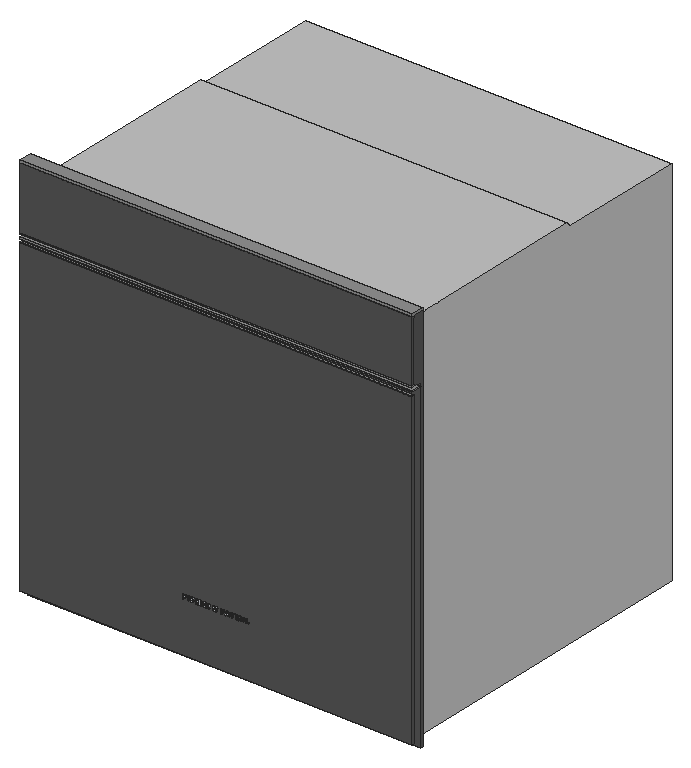
Revit family "FP-Revit20-en-OB60SMPTNB1-OB60SMPTNG1-WallOven-0-90003585A-AU-NZ-SG-UK-IE-CN", category Specialty Equipment, Revit 2020
Family settings
  Round Connector Dimension = Use Diameter
  Part Type = Normal
  OmniClass Number = 23.40.40.14.17.11
  OmniClass Title = Cookers, Ovens, Stoves
  Work Plane-Based = No
  Always vertical = Yes
  Cut with Voids When Loaded = Yes
  Shared = No
  Room Calculation Point = No
Parameters (values of type "OB60SMPTNB1   (Black Glass)")
  Visibility - Clearance Required = yes
  URL = "www.fisherpaykel.com"
  Product - Height = 598 mm  # constant formula
  Product - Width = 596 mm  # constant formula
  Product - Depth (Exc. Handles) = 565 mm  # constant formula
  Opening - Height = 487 mm  # constant formula
  Model = "OB60SMPTNB1"
  Material - Trim = Fisher & Paykel - Aluminium, Dark
  Material - Structure = Fisher & Paykel - Black
  Material - Glass = Fisher & Paykel - Glass, Black
  Material - Body = Fisher & Paykel - Grey
  Manufacturer = "Fisher & Paykel Appliances"
  FFL Offset [instance] = 900 mm
  Description = "Wall Oven, 60cm, 16 Function"
  Default Elevation = 0 mm
  Connector Description - Electrical = "220-240V, 50Hz, 20A"
  Chassis - Width = 556 mm  # constant formula
  Chassis - Height = 575 mm  # constant formula
  Chassis - Depth = 545 mm  # constant formula
  Cavity - Width = 560 mm  # constant formula
  Cavity - Height = 580 mm  # constant formula
  Cavity - Depth = 550 mm  # constant formula
Types (2, lengths in mm): name | Model | Material - Glass
  OB60SMPTNB1   (Black Glass) | "OB60SMPTNB1" | Fisher & Paykel - Glass, Black
  OB60SMPTNG1 (Grey Glass) | "OB60SMPTNG1" | Fisher & Paykel - Glass, Grey
Reference planes
  plane 1 "Datum": y = 0
  plane 2: z = -2
  plane 3 "Center (Left/Right)": x = 0
  plane 4 "Product - LHS": x = -298
  plane 5 "Product - RHS": x = 298
  plane 6 "Cavity - RHS": x = 280
  plane 7 "FFL Offset": z = 898
  plane 8 "Chassis - Depth": y = 545
  plane 9 "Front Face": y = -20
  plane 10 "Chassis - Height": z = 1473
  plane 11 "Cavity - Height": z = 1478
  plane 12 "Opening - Height": z = 1385
  plane 13 "Cavity - LHS": x = -280
  plane 14 "Cavity - Depth": y = 550
  plane 15 "Product - Height": z = 1496
  plane 16 "Opening - RHS": x = 300
  plane 17 "Opening - LHS": x = -300
  plane 18 "Chassis - LHS": x = -278
  plane 19 "Chassis RHS": x = 278
Forms (mm)
  Extrusion 1, solid, material "Fisher & Paykel - Grey" <- "Material - Body"
    sketch origin (0, 0, 0) x (0, 1, 0) y (0, 0, 1)
      loop
        line (0, 1473) -> (0, 898) -> (528, 898) -> (528, 1088) -> (545, 1108) -> (545, 1330) -> (498, 1385) -> (498, 1466) -> (305, 1466) -> (298, 1473) -> (0, 1473)
    from -278 to 278
  Extrusion 2, solid, material "Fisher & Paykel - Black" <- "Material - Structure", detail levels fine
    sketch origin (0, 0, 0) x (0, 1, 0) y (0, 0, 1)
      loop
        line (0, 1492.7) -> (-16, 1492.7) -> (-16, 1396) -> (-4, 1396) -> (-4, 898) -> (0, 898) -> (0, 1492.7)
    from -298 to 298
  Extrusion 3, solid, material "Fisher & Paykel - Glass, Black" <- "Material - Glass", detail levels fine
    sketch origin (0, 0, -3) x (0, 1, 0) y (0, 0, 1)
      loop
        line (-20, 1386.4) -> (-20, 912.8) -> (-16, 912.8) -> (-16, 1386.4) -> (-20, 1386.4)
      loop
        line (-20, 1400.8) -> (-16, 1400.8) -> (-16, 1495.7) -> (-20, 1495.7) -> (-20, 1400.8)
    from -298 to 298
  Extrusion 4, solid, material "Fisher & Paykel - Clearance Required", visible <- "Visibility - Clearance Required", detail levels coarse
    sketch origin (0, 0, -2) x (1, 0, 0) y (0, 1, 0)
      loop
        line (-280, 0) -> (280, 0) -> (280, 550) -> (-280, 550) -> (-280, 0)
    from 900 to 1480
  Extrusion 5, void
    sketch origin (0, 0, 0) x (0, 1, 0) y (0, 0, 1)
      loop
        line (-20, 898) -> (0, 898) -> (0, 1385) -> (-20, 1385) -> (-20, 898)
    from -300 to 300
  Extrusion 6, solid, material "Fisher & Paykel - Grey" <- "Material - Body"
    sketch origin (0, 2, 0) x (0, 1, 0) y (0, 0, 1)
      loop
        line (496, 1433.999) -> (496, 1377) -> (517.999, 1377) -> (517.999, 1433.999) -> (496, 1433.999)
    from -221 to -127
  Extrusion 7, solid, material "Fisher & Paykel - Aluminium, Dark" <- "Material - Trim", detail levels fine
    sketch origin (0, 0, -1.199) x (0, 1, 0) y (0, 0, 1)
      loop
        line (-16, 1397.199) -> (-16, 1398.999) -> (-20, 1398.999) -> (-20, 1397.199) -> (-16, 1397.199)
      loop
        line (-16, 1384.599) -> (-16, 1386.199) -> (-20, 1386.199) -> (-20, 1384.599) -> (-16, 1384.599)
      loop
        line (-4, 1390.799) -> (-4, 1392.399) -> (-20, 1392.399) -> (-20, 1390.799) -> (-4, 1390.799)
      loop
        line (0, 1493.899) -> (0, 1497.199) -> (-20, 1497.199) -> (-20, 1493.899) -> (0, 1493.899)
    from -298 to 298
  Extrusion 8, void
    sketch origin (0, 0, -2) x (1, 0, 0) y (0, 1, 0)
      loop
        line (201.865, 545) -> (229, 498) -> (278, 498) -> (278, 545) -> (201.865, 545)
      loop
        line (-201.865, 545) -> (-278, 545) -> (-278, 498) -> (-229, 498) -> (-201.865, 545)
    from 900 to 1480
  Extrusion 9, solid, material "Fisher & Paykel - Grey" <- "Material - Body"
    sketch origin (0, 6.626, -14.403) x (0, 1, 0) y (0, 0, 1)
      loop
        circle (501.374, 1419.903) r 5
    from -271 to -221
  Extrusion 10, void
    sketch origin (0, 0, -2) x (1, 0, 0) y (0, 1, 0)
      loop
        line (-280, 0) -> (280, 0) -> (280, 550) -> (-280, 550) -> (-280, 0)
    from 900 to 1480
  Extrusion 11, solid, material "Fisher & Paykel - Glass, Black" <- "Material - Glass", detail levels coarse+medium
    sketch origin (0, 0, 0) x (0, 1, 0) y (0, 0, 1)
      loop
        line (0, 1496) -> (-20, 1496) -> (-20, 1396) -> (-4, 1396) -> (-4, 1391.2) -> (-4, 1382.5) -> (-16, 1382.5) -> (-16, 1385) -> (-20, 1385) -> (-20, 909.8) -> (-4, 909.8) -> (-4, 898) -> (0, 898) -> (0, 1496)
    from -298 to 298
  Extrusion 12, solid, material "Fisher & Paykel - Black", detail levels fine
    sketch origin (0, 0, 0) x (0, 1, 0) y (0, 0, 1)
      loop
        line (-16, 1382.5) -> (-16, 909.8) -> (-4, 909.8) -> (-4, 1382.5) -> (-16, 1382.5)
    from -278 to 278
  Extrusion 13, solid, material "Fisher & Paykel - Clearance Required", visible <- "Visibility - Clearance Required", detail levels coarse
    sketch origin (0, 0, -15) x (0, 1, 0) y (0, 0, 1)
      loop
        line (-20, 927.07) -> (-20, 913) -> (0, 913) -> (0, 1400) -> (-20, 1400)
        arc (-20, 1400) -> (-341.757, 1283.845) -> (-490.153, 975.626) r 452.282
        line (-490.153, 975.626) -> (-20, 927.07)
    from -300 to 300
Cuts and joins
  Extrusion 8 cuts Extrusion 1
Text (mm)
  text "Due to ongoing product development, product details are subject to change without notice. \nPlease always refer to www.fisherpaykel.com for the most current product information. \n© Fisher & Paykel 2020" at (41.04, -613.295, 0), in view "Ref. Level (Plan)"
Dimensions and locks
  equal spacing: plane 4 "Product - LHS", plane 3 "Center (Left/Right)", plane 5 "Product - RHS"
  "Product - Width": plane 4 "Product - LHS" to plane 5 "Product - RHS"
  "FFL Offset": plane 7 "FFL Offset" to level
  locked: plane 9 "Front Face" to plane 1 "Datum" at 20
  "Cavity - Height": plane 11 "Cavity - Height" to plane 7 "FFL Offset"
  "Chassis - Height": plane 10 "Chassis - Height" to plane 7 "FFL Offset"
  "Cavity - Depth": plane 1 "Datum" to plane 14 "Cavity - Depth"
  "Cavity - Width": plane 13 "Cavity - LHS" to plane 6 "Cavity - RHS"
  Extrusion 5 to Extrusion 3 = 11.8 mm
  "Chassis - Depth": plane 1 "Datum" to plane 8 "Chassis - Depth"
  equal spacing: plane 13 "Cavity - LHS", plane 3 "Center (Left/Right)", plane 6 "Cavity - RHS"
  "Opening - Height": plane 7 "FFL Offset" to plane 12 "Opening - Height"
  "Product - Height": plane 7 "FFL Offset" to plane 15 "Product - Height"
  equal spacing: cut or joined group of Extrusion 1, Extrusion 8, plane 3 "Center (Left/Right)", cut or joined group of Extrusion 1, Extrusion 8
  "Chassis - Width": cut or joined group of Extrusion 1, Extrusion 8 to cut or joined group of Extrusion 1, Extrusion 8
  nested 1 to plane 15 "Product - Height" = 506 mm
  plane 8 "Chassis - Depth" to plane 9 "Front Face" = 565 mm
  Extrusion 1 sketch curve to Extrusion 1 sketch curve = 190 mm
  locked: nested 1 to Extrusion 13 at 92
  aligned and locked: level to plane 2
  aligned and locked: plane 4 "Product - LHS" to Extrusion 3
  aligned and locked: Extrusion 3 to plane 5 "Product - RHS"
  aligned and locked: plane 4 "Product - LHS" to Extrusion 2
  aligned and locked: Extrusion 2 to plane 5 "Product - RHS"
  aligned and locked: Extrusion 1 to plane 7 "FFL Offset"
  aligned and locked: Extrusion 7 to plane 5 "Product - RHS"
  aligned and locked: Extrusion 7 to Extrusion 3
  aligned and locked: Extrusion 3 to Extrusion 5
  aligned and locked: Extrusion 3 to Extrusion 7
  aligned and locked: Extrusion 7 to plane 1 "Datum"
  aligned and locked: plane 9 "Front Face" to Extrusion 5
  aligned and locked: Extrusion 4 to plane 6 "Cavity - RHS"
  aligned and locked: Extrusion 9 to Extrusion 6
  aligned and locked: plane 11 "Cavity - Height" to Extrusion 4
  aligned and locked: Extrusion 5 to plane 12 "Opening - Height"
  aligned and locked: Extrusion 5 to Extrusion 2
  aligned and locked: Extrusion 7 to plane 15 "Product - Height"
  aligned and locked: Extrusion 7 to Extrusion 2
  aligned and locked: Extrusion 8 to Extrusion 1
  aligned and locked: Extrusion 4 to Extrusion 2
  aligned and locked: Extrusion 4 to Extrusion 8
  aligned and locked: Extrusion 4 to plane 7 "FFL Offset"
  aligned and locked: Extrusion 1 to Extrusion 8
  aligned and locked: Extrusion 11 sketch curve to plane 15 "Product - Height"
  aligned and locked: plane 11 "Cavity - Height" to Extrusion 10
  aligned and locked: Extrusion 2 to Extrusion 10
  aligned and locked: plane 10 "Chassis - Height" to Extrusion 1
  aligned and locked: Extrusion 3 to Extrusion 12
  aligned and locked: Extrusion 2 to Extrusion 3
Automatic sketch dimensions
  Extrusion 2 sketch curve to plane 7 "FFL Offset" = 0 mm
  Extrusion 2 sketch curve to plane 1 "Datum" = 0 mm
  plane 1 "Datum" to Extrusion 2 sketch curve = 4 mm
  Extrusion 2 sketch curve to plane 9 "Front Face" = 4 mm
  Extrusion 2 sketch curve to plane 10 "Chassis - Height" = 77 mm
  plane 15 "Product - Height" to Extrusion 2 sketch curve = 3.3 mm
  Extrusion 3 sketch curve to plane 9 "Front Face" = 0 mm  (x2)
  Extrusion 3 sketch curve to Extrusion 3 sketch curve = 4 mm  (x2)
  plane 7 "FFL Offset" to Extrusion 3 sketch curve = 11.8 mm
  Extrusion 3 sketch curve to plane 10 "Chassis - Height" = 89.6 mm
  Extrusion 3 sketch curve to Extrusion 3 sketch curve = 14.4 mm
  plane 15 "Product - Height" to Extrusion 3 sketch curve = 3.3 mm
  Extrusion 4 sketch curve to plane 13 "Cavity - LHS" = 0 mm
  Extrusion 4 sketch curve to plane 6 "Cavity - RHS" = 0 mm
  plane 1 "Datum" to Extrusion 4 sketch curve = 0 mm
  Extrusion 4 sketch curve to plane 14 "Cavity - Depth" = 0 mm
  Extrusion 5 sketch curve to plane 9 "Front Face" = 0 mm
  Extrusion 5 sketch curve to plane 1 "Datum" = 0 mm
  Extrusion 5 sketch curve to plane 7 "FFL Offset" = 0 mm
  plane 12 "Opening - Height" to Extrusion 5 sketch curve = 0 mm
  Extrusion 6 sketch curve to Extrusion 6 sketch curve = 21.999 mm
  Extrusion 6 sketch curve to plane 10 "Chassis - Height" = 96 mm
  Extrusion 6 sketch curve to plane 10 "Chassis - Height" = 39.001 mm
  Extrusion 7 sketch curve to plane 9 "Front Face" = 0 mm  (x4)
  Extrusion 7 sketch curve to plane 1 "Datum" = 0 mm
  plane 15 "Product - Height" to Extrusion 7 sketch curve = 0 mm
  Extrusion 7 sketch curve to Extrusion 7 sketch curve = 4 mm  (x2)
  plane 1 "Datum" to Extrusion 7 sketch curve = 4 mm
  plane 15 "Product - Height" to Extrusion 7 sketch curve = 3.3 mm
  Extrusion 7 sketch curve to plane 10 "Chassis - Height" = 75.2 mm
  Extrusion 7 sketch curve to Extrusion 7 sketch curve = 1.8 mm
  Extrusion 7 sketch curve to Extrusion 7 sketch curve = 4.8 mm
  Extrusion 7 sketch curve to Extrusion 7 sketch curve = 1.6 mm  (x2)
  Extrusion 7 sketch curve to Extrusion 7 sketch curve = 4.6 mm
  Extrusion 8 sketch curve to plane 8 "Chassis - Depth" = 0 mm  (x2)
  Extrusion 8 sketch curve to plane 18 "Chassis - LHS" = 0 mm
  Extrusion 8 sketch curve to plane 19 "Chassis RHS" = 0 mm
  Extrusion 8 sketch curve to Extrusion 8 sketch curve = 49 mm  (x2)
  Extrusion 8 sketch curve to Extrusion 8 sketch curve = 27.135 mm
  Extrusion 8 sketch curve to Extrusion 8 sketch curve = 76.135 mm
  Extrusion 9 sketch curve to plane 10 "Chassis - Height" = 67.5 mm
  Extrusion 10 sketch curve to plane 13 "Cavity - LHS" = 0 mm
  Extrusion 10 sketch curve to plane 6 "Cavity - RHS" = 0 mm
  plane 1 "Datum" to Extrusion 10 sketch curve = 0 mm
  Extrusion 10 sketch curve to plane 14 "Cavity - Depth" = 0 mm
  Extrusion 11 sketch curve to plane 9 "Front Face" = 0 mm  (x2)
  Extrusion 11 sketch curve to plane 7 "FFL Offset" = 0 mm
  Extrusion 11 sketch curve to plane 1 "Datum" = 0 mm
  Extrusion 11 sketch curve to Extrusion 11 sketch curve = 4 mm
  plane 1 "Datum" to Extrusion 11 sketch curve = 4 mm  (x2)
  plane 7 "FFL Offset" to Extrusion 11 sketch curve = 11.8 mm
  Extrusion 11 sketch curve to plane 10 "Chassis - Height" = 90.5 mm
  Extrusion 11 sketch curve to Extrusion 11 sketch curve = 2.5 mm
  Extrusion 11 sketch curve to Extrusion 11 sketch curve = 8.7 mm
  Extrusion 11 sketch curve to Extrusion 11 sketch curve = 11 mm
  Extrusion 12 sketch curve to plane 9 "Front Face" = 4 mm
  plane 1 "Datum" to Extrusion 12 sketch curve = 4 mm
  plane 7 "FFL Offset" to Extrusion 12 sketch curve = 11.8 mm
  Extrusion 12 sketch curve to plane 10 "Chassis - Height" = 90.5 mm
  Extrusion 6 sketch curve to plane 8 "Chassis - Depth" = 47 mm
  Extrusion 8 sketch curve to plane 8 "Chassis - Depth" = 47 mm  (x2)
  Extrusion 9 sketch curve to plane 8 "Chassis - Depth" = 37 mm
  Extrusion 13 sketch curve to plane 7 "FFL Offset" = 0 mm
  Extrusion 13 sketch curve to plane 9 "Front Face" = 0 mm  (x3)
  Extrusion 13 sketch curve to plane 1 "Datum" = 0 mm
  plane 12 "Opening - Height" to Extrusion 13 sketch curve = 0 mm  (x2)
  plane 9 "Front Face" to Extrusion 13 sketch curve = 18.71 mm
  plane 7 "FFL Offset" to Extrusion 13 sketch curve = 14.07 mm
  Extrusion 13 sketch curve to Extrusion 13 sketch curve = 21.035 mm
  plane 7 "FFL Offset" to Extrusion 13 sketch curve = 62.626 mm
  Extrusion 1 sketch curve to plane 1 "Datum" = 0 mm
  Extrusion 1 sketch curve to plane 10 "Chassis - Height" = 0 mm
  plane 12 "Opening - Height" to Extrusion 1 sketch curve = 0 mm
  Extrusion 1 sketch curve to plane 7 "FFL Offset" = 0 mm
  Extrusion 1 sketch curve to plane 8 "Chassis - Depth" = 0 mm
  Extrusion 1 sketch curve to plane 8 "Chassis - Depth" = 247 mm
  Extrusion 1 sketch curve to Extrusion 1 sketch curve = 7 mm
  Extrusion 1 sketch curve to plane 10 "Chassis - Height" = 7 mm
  Extrusion 1 sketch curve to plane 8 "Chassis - Depth" = 47 mm
  Extrusion 1 sketch curve to plane 8 "Chassis - Depth" = 17 mm
  Extrusion 1 sketch curve to Extrusion 1 sketch curve = 20 mm
  plane 12 "Opening - Height" to Extrusion 1 sketch curve = 55 mm
  radius of Extrusion 9 sketch curve = 5 mm
Nested families
  nested 1: "F&P Logo 100mm" at (0.044, -20, 987.195), type "Grey"
Connectors
  electrical at (-174, 519.999, 1405.5)
    settings: on Extrusion 6, index 1, voltage 240 V, apparent load 0 VA, apparent load phase1 0 VA, apparent load phase2 0 VA, apparent load phase3 0 VA, power factor 1, load classification "Other", number of poles 1, system type 31, power factor state 1, is connector primary yes, connector utility no, sub classification motor no, connector description ""
Definition of nested family "F&P Logo 100mm"
  Parameters (values of type "Grey")
    URL = "www.fisherpaykel.com"
    Material - Logo = none
    Manufacturer = "Fisher & Paykel Appliances"
    Default Elevation = 0 mm
  Reference planes
    plane 1 "Center (Front/Back)": y = 0
    plane 2: z = 0
    plane 3 "Center (Left/Right)": x = 0
    plane 4 "Logo": z = 2.805
  Forms (mm)
    Extrusion 1, solid, material <- "Material - Logo", detail levels fine
      sketch origin (0, 0, 0) x (1, 0, 0) y (0, 0, 1)
        loop
          line (-50.044, 0) -> (-48.47, 0) -> (-48.47, 2.138) -> (-46.011, 2.138) -> (-46.011, 3.472) -> (-48.47, 3.472) -> (-48.47, 4.712) -> (-45.795, 4.712) -> (-45.795, 6.04) -> (-50.044, 6.04) -> (-50.044, 0)
        loop
          line (-42.804, 6.04) -> (-42.804, 0) -> (-41.23, 0) -> (-41.23, 6.04) -> (-42.804, 6.04)
        loop
          line (-30.724, 6.04) -> (-30.724, 0) -> (-29.151, 0) -> (-29.151, 2.42) -> (-26.839, 2.42) -> (-26.839, 0) -> (-25.265, 0) -> (-25.265, 6.04) -> (-26.839, 6.04) -> (-26.839, 3.748) -> (-29.151, 3.748) -> (-29.151, 6.04) -> (-30.724, 6.04)
        loop
          line (-21.906, 6.04) -> (-21.906, 0) -> (-17.602, 0) -> (-17.602, 1.328) -> (-20.347, 1.328) -> (-20.347, 2.42) -> (-17.838, 2.42) -> (-17.838, 3.748) -> (-20.347, 3.748) -> (-20.347, 4.712) -> (-17.602, 4.712) -> (-17.602, 6.04) -> (-21.906, 6.04)
        loop
          line (45.667, 6.04) -> (45.667, 0) -> (49.956, 0) -> (49.956, 1.328) -> (47.241, 1.328) -> (47.241, 6.04) -> (45.667, 6.04)
        loop
          line (42.431, 6.04) -> (38.112, 6.04) -> (38.112, 0) -> (42.431, 0) -> (42.431, 1.328) -> (39.687, 1.328) -> (39.687, 2.42) -> (42.195, 2.42) -> (42.195, 3.748) -> (39.687, 3.748) -> (39.687, 4.712) -> (42.431, 4.712) -> (42.431, 6.04)
        loop
          line (33.443, 3.137) -> (35.683, 6.04) -> (33.844, 6.04) -> (31.915, 3.542) -> (31.915, 6.04) -> (30.342, 6.04) -> (30.342, 0) -> (31.915, 0) -> (31.915, 2.705) -> (33.903, 0) -> (35.747, 0) -> (33.443, 3.137)
        loop
          line (21.98, 6.04) -> (24.262, 2.42) -> (24.262, 0) -> (25.837, 0) -> (25.837, 2.341) -> (28.119, 6.04) -> (26.446, 6.04) -> (25.099, 3.707) -> (23.753, 6.04) -> (21.98, 6.04)
        loop
          line (18.479, 6.04) -> (16.983, 6.04) -> (14.524, 0) -> (16.069, 0) -> (16.501, 1.112) -> (18.786, 1.112) -> (19.219, 0) -> (20.938, 0) -> (18.479, 6.04)
        loop
          line (18.4, 2.439) -> (17.693, 4.174) -> (17.018, 2.439) -> (18.4, 2.439)
        loop
          line (8.031, 6.04) -> (8.031, 0) -> (9.605, 0) -> (9.605, 1.938) -> (10.599, 1.938)
          arc (10.599, 1.938) -> (12.65, 3.989) -> (10.599, 6.04) r 2.051
          line (10.599, 6.04) -> (8.031, 6.04)
        loop
          line (9.605, 4.712) -> (9.605, 3.197) -> (10.501, 3.197)
          arc (10.501, 3.197) -> (11.259, 3.954) -> (10.501, 4.712) r 0.757
          line (10.501, 4.712) -> (9.605, 4.712)
        loop
          line (-11.783, 6.04) -> (-14.366, 6.04) -> (-14.366, 0) -> (-12.792, 0) -> (-12.792, 1.336) -> (-11.992, 1.336) -> (-10.972, 0) -> (-9.153, 0) -> (-10.694, 1.973)
          arc (-10.694, 1.973) -> (-9.678, 4.424) -> (-11.783, 6.04) r 2.179
        loop
          line (-11.897, 4.712) -> (-12.792, 4.712) -> (-12.792, 3.053) -> (-11.897, 3.053)
          arc (-11.897, 3.053) -> (-11.068, 3.882) -> (-11.897, 4.712) r 0.83
        loop
          line (0.477, 4.712) -> (0.477, 6.153) -> (-3.575, 6.153) -> (-3.575, 4.851) -> (-2.974, 4.112)
          arc (-2.974, 4.112) -> (-3.51, 0.684) -> (-0.045, 0.512) r 2.334
          line (-0.045, 0.512) -> (0.46, -0.109) -> (2.246, -0.109) -> (0.86, 1.594) -> (2.061, 3.324) -> (0.443, 3.324) -> (-0.013, 2.667) -> (-1.677, 4.712) -> (0.477, 4.712)
        loop
          arc (-2.125, 3.068) -> (-2.269, 1.668) -> (-0.868, 1.524) r 0.996
          line (-0.868, 1.524) -> (-2.125, 3.068)
        loop
          line (-35.18, 3.634) -> (-36.516, 3.91)
          arc (-36.516, 3.91) -> (-37.049, 4.443) -> (-36.516, 4.976) r 0.533
          arc (-36.516, 4.976) -> (-35.235, 4.79) -> (-34.059, 4.248) r 4.505
          line (-34.059, 4.248) -> (-34.059, 5.743)
          arc (-34.059, 5.743) -> (-35.549, 6.179) -> (-37.1, 6.109) r 4.726
          arc (-37.1, 6.109) -> (-38.536, 4.335) -> (-37.1, 2.561) r 1.814
          line (-37.1, 2.561) -> (-35.754, 2.282)
          arc (-35.754, 2.282) -> (-35.221, 1.749) -> (-35.754, 1.216) r 0.533
          arc (-35.754, 1.216) -> (-37.035, 1.402) -> (-38.211, 1.945) r 4.505
          line (-38.211, 1.945) -> (-38.211, 0.449)
          arc (-38.211, 0.449) -> (-36.72, 0.013) -> (-35.169, 0.083) r 4.726
          arc (-35.169, 0.083) -> (-33.734, 1.863) -> (-35.18, 3.634) r 1.814
      from 0 to 0.8
  Dimensions and locks
    aligned and locked: level to plane 2
